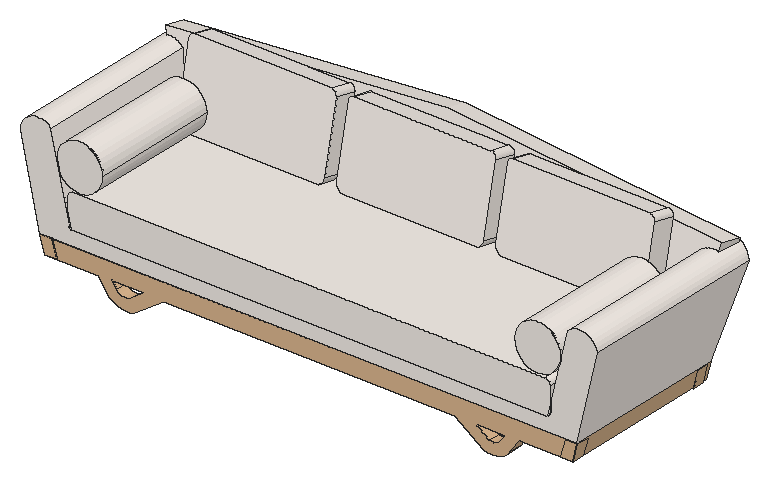
Revit family
Parameters (values of type "84"")
  Frame Material = Wood - Cherry
  Assembly Code = "E2020200"
  Length = 7' - 0"
  Seat Material = Textile - Linen, Smooth
  Feet Material = Metal - Chrome
Types (3): name | Frame Material | Length
  (no name) | Wood - Cherry | 7' - 0"
  84" | Wood - Cherry | 7' - 0"
  65" | none | 5' - 5"
Reference planes (in)
  plane 1 "Center (Front/Back)": y = 10.90984
  plane 2: z = 0
  plane 3 "Center (Left/Right)": x = 10.96875
  plane 4: y = 27.40984
  plane 5: y = -5.59016
  plane 6: x = 52.96875
  plane 7: x = -31.03125
  plane 8: x = 49.96875
  plane 9: x = -28.03125
  plane 10: y = -5.68879
  plane 11: y = 27.40984
  plane 12: z = 27
Forms (in)
  Extrusion 1, solid, material "Wood - Cherry"
    sketch origin (49.96875, -3.68879, 8.82878) x (-1, 0, 0) y (0, 0, -1)
      loop
        line (77.64593, 4.95041) -> (76.12158, 7.1274)
        arc (76.12158, 7.1274) -> (74.00446, 8.64678) -> (71.39933, 8.58338) r 4.09991
        line (71.39933, 8.58338) -> (66.28173, 5) -> (15.81095, 5) -> (10.69335, 8.58338)
        arc (10.69335, 8.58338) -> (8.08822, 8.64678) -> (5.9711, 7.1274) r 4.09991
        line (5.9711, 7.1274) -> (4.44676, 4.95041) -> (-4.86216, 4.95041) -> (-5.66601, 1.95041) -> (87.75869, 1.95041) -> (86.95484, 4.95041) -> (77.64593, 4.95041)
      loop
        line (72.29288, 6.7675) -> (69.56301, 4.85603) -> (75.27047, 4.85603) -> (74.49266, 5.96684)
        arc (74.49266, 5.96684) -> (73.51469, 6.70214) -> (72.29288, 6.7675) r 2.09991
      loop
        arc (9.7998, 6.7675) -> (8.57799, 6.70214) -> (7.60002, 5.96684) r 2.09991
        line (7.60002, 5.96684) -> (6.92303, 5) -> (12.32405, 5) -> (9.7998, 6.7675)
    from 0 to 2
  Extrusion 2, solid, material "Textile - Linen, Smooth"
    sketch origin (49.96875, -5.68879, 8.82878) x (-1, 0, 0) y (0, 0, -1)
      loop
        line (87.75869, 2) -> (-5.4954, 2) -> (-9.08149, -13.48248)
        arc (-9.08149, -13.48248) -> (-6.90256, -15.87678) -> (-3.78436, -15.00659) r 3.08525
        line (-3.78436, -15.00659) -> (-0.40131, -0.4007) -> (82.49399, -0.4007) -> (85.87704, -15.00659)
        arc (85.87704, -15.00659) -> (89.23836, -15.79576) -> (91.2268, -12.97312) r 3.08525
        line (91.2268, -12.97312) -> (87.75869, 2)
    from 0 to -35.33605
  Extrusion 3, solid, material "Wood - Cherry"
    sketch origin (49.96875, 22.30837, 8.82878) x (-1, 0, 0) y (0, 0, -1)
      loop
        line (77.64593, 4.95041) -> (76.12158, 7.1274)
        arc (76.12158, 7.1274) -> (74.00446, 8.64678) -> (71.39933, 8.58338) r 4.09991
        line (71.39933, 8.58338) -> (66.28173, 5) -> (15.81095, 5) -> (10.69335, 8.58338)
        arc (10.69335, 8.58338) -> (8.08822, 8.64678) -> (5.9711, 7.1274) r 4.09991
        line (5.9711, 7.1274) -> (4.44676, 4.95041) -> (-4.86216, 4.95041) -> (-5.66601, 1.95041) -> (87.75869, 1.95041) -> (86.95484, 4.95041) -> (77.64593, 4.95041)
      loop
        line (72.29288, 6.7675) -> (69.56301, 4.85603) -> (75.27047, 4.85603) -> (74.49266, 5.96684)
        arc (74.49266, 5.96684) -> (73.51469, 6.70214) -> (72.29288, 6.7675) r 2.09991
      loop
        arc (9.7998, 6.7675) -> (8.57799, 6.70214) -> (7.60002, 5.96684) r 2.09991
        line (7.60002, 5.96684) -> (6.92303, 5) -> (12.32405, 5) -> (9.7998, 6.7675)
    from 0 to 2
  Extrusion 4, solid, material "Textile - Linen, Smooth"
    sketch origin (58.92241, 23.44841, 26.33585) x (-1, 0, 0) y (0, -0.219234, -0.975672)
      loop
        line (93.46537, 17.62126) -> (6.47768, 17.62126) -> (1.51706, 0.3215)
        arc (1.51706, 0.3215) -> (49.80749, -3.48161) -> (98.09672, 0.33683) r 307.86807
        line (98.09672, 0.33683) -> (93.46537, 17.62126)
    from 0 to -4
  Extrusion 5, void, material "Textile - Linen, Smooth"
    sketch origin (10.96875, 1, 0) x (0, 1, 0) y (0, 0, 1)
      loop
        line (31.25013, 43.26481) -> (21.30837, 3.82878) -> (46.26259, 3.82878) -> (31.25013, 43.26481)
    from -61.16292 to 50
  Extrusion 6, solid, material "Wood - Cherry"
    sketch origin (49.96875, -5.68879, 8.82878) x (-1, 0, 0) y (0, 0, -1)
      loop
        line (87.75869, 1.95041) -> (86.95484, 4.95041) -> (84.95484, 4.95041) -> (85.75869, 1.95041) -> (87.75869, 1.95041)
    from 0 to -29.38842
  Extrusion 7, solid, material "Wood - Cherry"
    sketch origin (-32.28125, -5.68879, 8.82878) x (1, 0, 0) y (0, 0, 1)
      loop
        line (87.75869, -1.95041) -> (85.75869, -1.95041) -> (84.95484, -4.95041) -> (86.95484, -4.95041) -> (87.75869, -1.95041)
    from 0 to -29
  Extrusion 8, solid, material "Textile - Linen, Smooth"
    sketch origin (50.67241, -5.68879, 8.82878) x (-1, 0, 0) y (0, 0, -1)
      loop
        arc (0.82486, -0.4007) -> (0.11775, -0.69359) -> (-0.17514, -1.4007) r 1
        line (-0.17514, -1.4007) -> (-0.17514, -5.4007)
        arc (-0.17514, -5.4007) -> (0.11775, -6.10781) -> (0.82486, -6.4007) r 1
        line (0.82486, -6.4007) -> (82.64665, -6.4007)
        arc (82.64665, -6.4007) -> (83.35376, -6.10781) -> (83.64665, -5.4007) r 1
        line (83.64665, -5.4007) -> (83.64665, -1.4007)
        arc (83.64665, -1.4007) -> (83.35376, -0.69359) -> (82.64665, -0.4007) r 1
        line (82.64665, -0.4007) -> (0.82486, -0.4007)
    from 0 to -25.99716
  Extrusion 9, solid, material "Textile - Linen, Smooth"
    sketch origin (60.92241, 26.91263, 23.50757) x (1, 0, 0) y (0, -0.219234, -0.975672)
      loop
        line (-68.84407, 10.34507) -> (-91.68814, 10.34507)
        arc (-91.68814, 10.34507) -> (-92.7488, 9.90573) -> (-93.18814, 8.84507) r 1.5
        line (-93.18814, 8.84507) -> (-93.18814, -2.90493)
        arc (-93.18814, -2.90493) -> (-92.96847, -3.43526) -> (-92.43814, -3.65493) r 0.75
        line (-92.43814, -3.65493) -> (-68.59407, -3.65493)
        arc (-68.59407, -3.65493) -> (-67.88696, -3.36204) -> (-67.59407, -2.65493) r 1
        line (-67.59407, -2.65493) -> (-67.59407, 9.09507)
        arc (-67.59407, 9.09507) -> (-67.96019, 9.97895) -> (-68.84407, 10.34507) r 1.25
    from -4 to -8
  Extrusion 10, solid, material "Textile - Linen, Smooth"
    sketch origin (88.64148, 26.91263, 23.50757) x (1, 0, 0) y (0, -0.219234, -0.975672)
      loop
        line (-68.84407, 10.34507) -> (-91.68814, 10.34507)
        arc (-91.68814, 10.34507) -> (-92.7488, 9.90573) -> (-93.18814, 8.84507) r 1.5
        line (-93.18814, 8.84507) -> (-93.18814, -2.90493)
        arc (-93.18814, -2.90493) -> (-92.96847, -3.43526) -> (-92.43814, -3.65493) r 0.75
        line (-92.43814, -3.65493) -> (-68.59407, -3.65493)
        arc (-68.59407, -3.65493) -> (-67.88696, -3.36204) -> (-67.59407, -2.65493) r 1
        line (-67.59407, -2.65493) -> (-67.59407, 9.09507)
        arc (-67.59407, 9.09507) -> (-67.96019, 9.97895) -> (-68.84407, 10.34507) r 1.25
    from -4 to -8
  Extrusion 11, solid, material "Textile - Linen, Smooth"
    sketch origin (116.23555, 26.91263, 23.50757) x (1, 0, 0) y (0, -0.219234, -0.975672)
      loop
        line (-68.84407, 10.34507) -> (-91.68814, 10.34507)
        arc (-91.68814, 10.34507) -> (-92.7488, 9.90573) -> (-93.18814, 8.84507) r 1.5
        line (-93.18814, 8.84507) -> (-93.18814, -2.90493)
        arc (-93.18814, -2.90493) -> (-92.96847, -3.43526) -> (-92.43814, -3.65493) r 0.75
        line (-92.43814, -3.65493) -> (-68.59407, -3.65493)
        arc (-68.59407, -3.65493) -> (-67.88696, -3.36204) -> (-67.59407, -2.65493) r 1
        line (-67.59407, -2.65493) -> (-67.59407, 9.09507)
        arc (-67.59407, 9.09507) -> (-67.96019, 9.97895) -> (-68.84407, 10.34507) r 1.25
    from -4 to -8
  Extrusion 12, solid, material "Textile - Linen, Smooth"
    sketch origin (49.96875, -5.68879, 6.65824) x (-1, 0, 0) y (0, 0, -1)
      loop
        circle (1.32727, -12.85246) r 4
    from 0 to -22.52805
  Extrusion 13, solid, material "Textile - Linen, Smooth"
    sketch origin (-29.57933, -5.68879, 6.65824) x (-1, 0, 0) y (0, 0, -1)
      loop
        circle (1.32727, -12.85246) r 4
    from 0 to -22.52805
Cuts and joins
  Extrusion 5 cuts Extrusion 2
  Extrusion 5 cuts Extrusion 4
  joined: Extrusion 2, Extrusion 4
  Extrusion 5 cuts Extrusion 3
  Extrusion 5 cuts Extrusion 6
Lines and regions (in)
  symbolic lines
    curve 1: line (-31.03125, 27.62842, 0) -> (-28.03125, 27.62842, 0)
    curve 2: line (-31.03125, 27.62842, 0) -> (-31.03125, -3.85, 0)
    curve 3: line (-31.03125, -3.85, 0) -> (-28.03125, -3.85, 0)
    curve 4: line (-28.03125, 27.62842, 0) -> (-28.03125, -3.85, 0)
    curve 5: line (49.96875, 27.62842, 0) -> (52.96875, 27.62842, 0)
    curve 6: line (49.96875, 27.62842, 0) -> (49.96875, -3.85, 0)
    curve 7: line (49.96875, -3.85, 0) -> (52.96875, -3.85, 0)
    curve 8: line (52.96875, 27.62842, 0) -> (52.96875, -3.85, 0)
    curve 9: line (-28.03125, 19.77383, 0) -> (49.96875, 19.77383, 0)
    curve 10: line (-28.03125, 19.77383, 0) -> (-28.03125, -5.59016, 0)
    curve 11: line (-28.03125, -5.59016, 0) -> (49.96875, -5.59016, 0)
    curve 12: line (49.96875, 19.77383, 0) -> (49.96875, -5.59016, 0)
    curve 13: line (-28.03125, 26.2856, 0) -> (49.96875, 26.2856, 0)
    curve 14: line (-28.03125, 26.2856, 0) -> (-28.03125, 19.77383, 0)
    curve 15: line (-28.03125, 19.77383, 0) -> (49.96875, 19.77383, 0)
    curve 16: line (49.96875, 26.2856, 0) -> (49.96875, 19.77383, 0)
    curve 17: line (-32.03125, 23.96424, 0) -> (-31.03125, 23.96424, 0)
